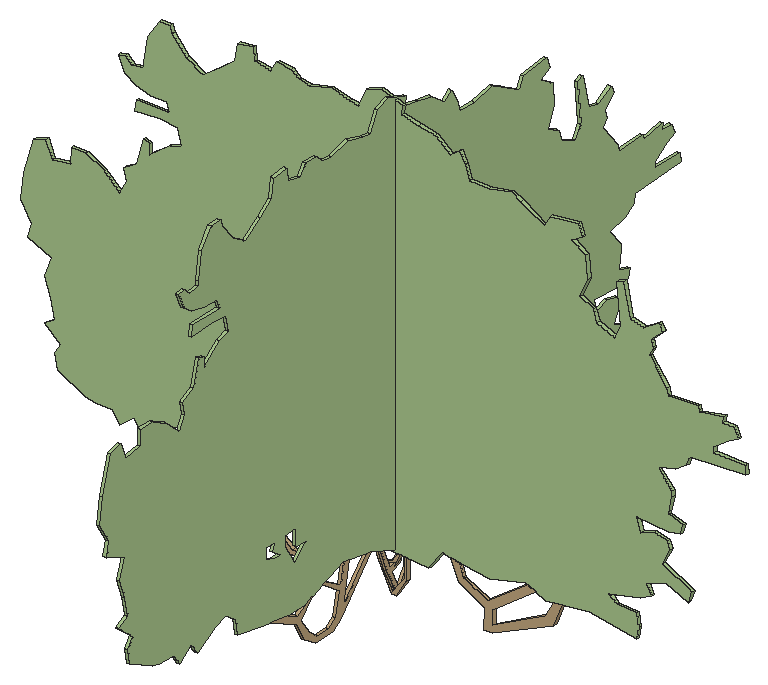
Revit family "L-PL낙엽관목_진달래", category 수목, Revit 2019
Family settings
  OmniClass 번호 = 23.40.05.00
  OmniClass 제목 = Plants and Planting Products
  작업 기준면 기반 = 아니오
  항상 수직 = 예
  로드될 때 보이드를 사용하여 절단 = 아니오
  렌더 모양 소스 = 패밀리 형상
  공유 = 아니오
Parameters (values of type "진달래")
  한국산업규격KS = ""
  조달청표준공사코드-세부공종 = "10161599202809"
  높이 = 1000 mm
  건설정보분류체계-부위분류 = "E985"
  LIM_INFO_주의사항 = "재배포, 재가공, 판매 금지"
  LIM_INFO_제작일 = "20211210"
  LIM_INFO_버전 = "2022_V01"
  LIM_INFO_PL_학명 = "Quercus myrsinaefolia Bl."
  LIM_INFO_PL_품명 = "가시나무"
  LIM_INFO_PL_주당인정수량 = 0
  LIM_INFO_PL_수목단위 = "주"
  LIM_INFO_PL_규격 = "5.0H X 18R"
  LIM_INFO_PL_구분 = "상록교목"
  LIM_INFO_PL_가격 = 0
  LIM_INFO_PL_Qty [instance] = 0
  LIM_INFO_PL_M2당수량 = 0
  KBIMS_식별-버전 = ""
  KBIMS_식별-bSK등록번호 = ""
  KBIMS_보급정보-저작자 = "림인포테크_MMJ"
  KBIMS_보급정보-보급코드 = ""
Reference planes
  plane 1 "중심(앞/뒤)": y = 0
  plane 2: z = 0
  plane 3 "중심(왼쪽/오른쪽)": x = 0
  plane 4: x = 482.5
  plane 5: x = -607.5
  plane 6: z = -545
  plane 7: z = -817.5
  plane 8: z = 5000
  plane 9: x = -100
  plane 10: x = 100
Dimensions and locks
  plane 4 to plane 5 = 1090 mm
  plane 6 to level = 545 mm
  plane 7 to plane 6 = 272.5 mm
  locked: level to plane 8 at 5000
  plane 9 to plane 10 = 200 mm
  aligned and locked: level to plane 2
Nested families
  nested 1: "진달래_base" at (0, 0, 0), type "진달래_base"
Definition of nested family "진달래_base"
  Parameters (values of type "진달래_base")
    Height = 6000 mm
  Reference planes
    plane 1 "중심(앞/뒤)": y = 0
    plane 2: z = 0
    plane 3 "중심(왼쪽/오른쪽)": x = 0
  Forms (mm)
    Revolve 1, solid, detail levels coarse
      sketch origin (0, 0, 0) x (1, 0, 0) y (0, 0, 1)
        loop
          line (0.01, 0) -> (0.01, 604.823) -> (-339.99, 604.823)
          arc (-339.99, 604.823) -> (-453.127, 557.96) -> (-499.99, 444.823) r 160
          line (-499.99, 444.823) -> (-499.99, 140)
          arc (-499.99, 140) -> (-476.558, 83.431) -> (-419.99, 60) r 80
          line (-419.99, 60) -> (-158.625, 60) -> (-158.625, 0) -> (0.01, 0)
        axis (0.01, 604.823) -> (0.01, 0)
      angle from 0 to 360
    Extrusion 2, solid, detail levels fine
      sketch origin (0, 0, 0) x (1, 0, 0) y (0, 0, 1)
        loop
          line (-394.864, 503.282) -> (-394.864, 518.89) -> (-404.927, 522.359) -> (-415.337, 482.471) -> (-436.503, 469.291) -> (-432.686, 450.215) -> (-443.443, 430.444) -> (-469.815, 454.377) -> (-498.268, 468.944) -> (-522.558, 468.944) -> (-523.252, 445.359) -> (-553.441, 440.156) -> (-564.197, 465.476) -> (-583.282, 459.926) -> (-600.376, 404.198) -> (-605.928, 364.658) -> (-587.537, 334.135) -> (-593.089, 312.631) -> (-554.573, 295.982) -> (-565.355, 265.975) -> (-555.333, 237.306) -> (-549.459, 207.255) -> (-566.737, 196.547) -> (-539.783, 173.749) -> (-549.804, 158.206) -> (-544.621, 136.099) -> (-498.315, 112.956) -> (-483.111, 109.157) -> (-455.466, 108.811) -> (-443.716, 91.195) -> (-420.564, 109.157) -> (-406.741, 91.541) -> (-372.185, 112.266) -> (-349.723, 120.21) -> (-329.335, 106.048) -> (-323.806, 80.833) -> (-270.647, 71.328) -> (-223.55, 65.622) -> (-183.589, 65.622) -> (-162.181, 74.182) -> (-151.237, 78.436) -> (-110.802, 94.154) -> (-109.02, 93.806) -> (-52.288, 82.741) -> (0.518, 62.769) -> (61.886, 58.489) -> (84.721, 88.447) -> (97.68, 86.492) -> (160.362, 77.035) -> (218.876, 92.727) -> (222.364, 91.06) -> (251.701, 77.035) -> (324.706, 87.442) -> (400.121, 73.861) -> (403.222, 91.084) -> (400.81, 112.097) -> (367.382, 113.819) -> (355.321, 124.497) -> (406.668, 135.865) -> (424.588, 145.165) -> (417.351, 159.977) -> (447.677, 172.378) -> (484.895, 157.221) -> (491.098, 174.445) -> (443.197, 199.246) -> (455.258, 223.014) -> (450.82, 235.183) -> (429.799, 240.005) -> (407.744, 232.083) -> (401.541, 253.439) -> (452.544, 249.306) -> (472.186, 252.406) -> (475.977, 267.218) -> (452.199, 274.796) -> (458.027, 301.554) -> (458.027, 310.335) -> (434.415, 337.23) -> (464.616, 345.463) -> (482.736, 357.538) -> (486.58, 370.711) -> (578.83, 376.2) -> (578.28, 389.921) -> (527.214, 391.019) -> (527.214, 399.801) -> (551.374, 416.267) -> (566.749, 425.049) -> (560.709, 439.32) -> (541.49, 440.417) -> (543.138, 449.748) -> (503.602, 442.064) -> (501.406, 450.297) -> (452.536, 447.553) -> (450.339, 458.53) -> (421.237, 496.402) -> (428.375, 507.928) -> (425.081, 520.552) -> (443.75, 537.567) -> (437.71, 549.093) -> (413, 533.725) -> (391.036, 539.214) -> (380.054, 589.709) -> (368.523, 585.867) -> (374.563, 521.101) -> (365.228, 502.439) -> (336.126, 513.966) -> (330.276, 531.861) -> (308.068, 543.515) -> (320.838, 571.818) -> (318.062, 606.78) -> (294.744, 621.209) -> (312.51, 631.198) -> (305.292, 648.402) -> (259.767, 642.852) -> (250.329, 625.648) -> (211.465, 647.292) -> (195.92, 655.616) -> (159.277, 647.847) -> (127.631, 648.957) -> (121.524, 668.935) -> (112.086, 686.138) -> (97.096, 676.149) -> (72.112, 695.018) -> (45.463, 700.567) -> (16.593, 706.117) -> (18.814, 719.436) -> (-16.164, 731.09) -> (-39.482, 723.875) -> (-52.806, 695.018) -> (-68.352, 697.238) -> (-97.222, 705.007) -> (-133.309, 696.128) -> (-151.63, 698.902) -> (-162.734, 709.447) -> (-186.607, 711.666) -> (-196.601, 695.573) -> (-223.25, 700.567) -> (-224.916, 719.991) -> (-250.454, 716.661) -> (-256.006, 688.913) -> (-278.214, 671.155) -> (-307.639, 650.066) -> (-334.288, 666.715) -> (-358.162, 693.908) -> (-360.382, 703.897) -> (-378.704, 703.342) -> (-397.58, 675.039) -> (-404.233, 634.39) -> (-404.233, 627.106) -> (-423.318, 623.985) -> (-433.727, 634.39) -> (-445.872, 631.962) -> (-435.809, 608.723) -> (-417.766, 596.931) -> (-392.435, 590.687) -> (-367.104, 590.341) -> (-362.246, 575.426) -> (-416.031, 575.426) -> (-419.154, 558.431) -> (-377.167, 561.552) -> (-348.714, 559.124) -> (-342.815, 533.458) -> (-361.205, 527.215) -> (-394.864, 503.282)
        loop
          line (-228.377, 168.136) -> (-218.334, 151.409) -> (-207.392, 133.187) -> (-186.237, 158.699) -> (-205.933, 158.699) -> (-205.933, 186.397) -> (-228.377, 183.481) -> (-228.377, 168.136)
        loop
          line (-251.841, 160.055) -> (-235.386, 160.055) -> (-252.759, 170.943) -> (-247.388, 183.329) -> (-266.991, 183.329) -> (-266.991, 166.356) -> (-251.841, 160.055)
      from 0 to 5
    Extrusion 3, solid, detail levels fine
      sketch origin (0, 0, 0) x (1, 0, 0) y (0, 0, 1)
        loop
          line (-145.629, 80.616) -> (-151.237, 78.436) -> (-116.605, 55.099) -> (-124.73, 18.374) -> (-138.154, 8.134) -> (-160.41, 8.134) -> (-179.487, 21.552) -> (-196.444, 46.271) -> (-172.885, 69.902) -> (-183.589, 65.622) -> (-201.992, 54.638) -> (-223.55, 65.622) -> (-259.314, 69.955) -> (-203.569, 42.862) -> (-186.951, 13.112) -> (-165.306, 0) -> (-130.133, 0) -> (-114.801, 13.112) -> (-52.288, 82.741) -> (-61.19, 84.477) -> (-111.263, 29.305) -> (-97.656, 91.59) -> (-109.02, 93.806) -> (-115.192, 62.161) -> (-145.629, 80.616)
        loop
          line (25.325, 61.039) -> (21.183, 61.328) -> (21.183, 29.475) -> (3.046, 5.083) -> (-9.903, 36.072) -> (5.227, 42.394) -> (15.782, 61.705) -> (11.147, 62.028) -> (2.984, 49.374) -> (-14.03, 42.669) -> (-25.885, 72.755) -> (-33.047, 75.464) -> (-21.083, 42.143) -> (0, 0) -> (8.803, 0) -> (25.325, 26.726) -> (25.325, 61.039)
        loop
          line (151.065, 0.414) -> (166.071, 0) -> (265.785, 46.683) -> (279.925, 81.058) -> (265.357, 78.981) -> (251.672, 56.361) -> (166.071, 12.12) -> (166.071, 34.238) -> (235.289, 84.881) -> (222.364, 91.06) -> (156.658, 44.246) -> (117.821, 64.181) -> (111.037, 84.477) -> (97.68, 86.492) -> (110.859, 56.469) -> (151.947, 32.362) -> (151.065, 0.414)
      from 0 to 5
    Extrusion 4, solid, detail levels fine
      sketch origin (0, 0, 0) x (0, 1, 0) y (0, 0, 1)
        loop
          line (-394.864, 503.282) -> (-394.864, 518.89) -> (-404.927, 522.359) -> (-415.337, 482.471) -> (-436.503, 469.291) -> (-432.686, 450.215) -> (-443.443, 430.444) -> (-469.815, 454.377) -> (-498.268, 468.944) -> (-522.558, 468.944) -> (-523.252, 445.359) -> (-553.441, 440.156) -> (-564.197, 465.476) -> (-583.282, 459.926) -> (-600.376, 404.198) -> (-605.928, 364.658) -> (-587.537, 334.135) -> (-593.089, 312.631) -> (-554.573, 295.982) -> (-565.355, 265.975) -> (-555.333, 237.306) -> (-549.459, 207.255) -> (-566.737, 196.547) -> (-539.783, 173.749) -> (-549.804, 158.206) -> (-544.621, 136.099) -> (-498.315, 112.956) -> (-483.111, 109.157) -> (-455.466, 108.811) -> (-443.716, 91.195) -> (-420.564, 109.157) -> (-406.741, 91.541) -> (-372.185, 112.266) -> (-349.723, 120.21) -> (-329.335, 106.048) -> (-323.806, 80.833) -> (-270.647, 71.328) -> (-223.55, 65.622) -> (-183.589, 65.622) -> (-162.181, 74.182) -> (-151.237, 78.436) -> (-110.802, 94.154) -> (-109.02, 93.806) -> (-52.288, 82.741) -> (0.518, 62.769) -> (61.886, 58.489) -> (84.721, 88.447) -> (97.68, 86.492) -> (160.362, 77.035) -> (218.876, 92.727) -> (222.364, 91.06) -> (251.701, 77.035) -> (324.706, 87.442) -> (400.121, 73.861) -> (403.222, 91.084) -> (400.81, 112.097) -> (367.382, 113.819) -> (355.321, 124.497) -> (406.668, 135.865) -> (424.588, 145.165) -> (417.351, 159.977) -> (447.677, 172.378) -> (484.895, 157.221) -> (491.098, 174.445) -> (443.197, 199.246) -> (455.258, 223.014) -> (450.82, 235.183) -> (429.799, 240.005) -> (407.744, 232.083) -> (401.541, 253.439) -> (452.544, 249.306) -> (472.186, 252.406) -> (475.977, 267.218) -> (452.199, 274.796) -> (458.027, 301.554) -> (458.027, 310.335) -> (434.415, 337.23) -> (464.616, 345.463) -> (482.736, 357.538) -> (486.58, 370.711) -> (578.83, 376.2) -> (578.28, 389.921) -> (527.214, 391.019) -> (527.214, 399.801) -> (551.374, 416.267) -> (566.749, 425.049) -> (560.709, 439.32) -> (541.49, 440.417) -> (543.138, 449.748) -> (503.602, 442.064) -> (501.406, 450.297) -> (452.536, 447.553) -> (450.339, 458.53) -> (421.237, 496.402) -> (428.375, 507.928) -> (425.081, 520.552) -> (443.75, 537.567) -> (437.71, 549.093) -> (413, 533.725) -> (391.036, 539.214) -> (380.054, 589.709) -> (368.523, 585.867) -> (374.563, 521.101) -> (365.228, 502.439) -> (336.126, 513.966) -> (330.276, 531.861) -> (308.068, 543.515) -> (320.838, 571.818) -> (318.062, 606.78) -> (294.744, 621.209) -> (312.51, 631.198) -> (305.292, 648.402) -> (259.767, 642.852) -> (250.329, 625.648) -> (211.465, 647.292) -> (195.92, 655.616) -> (159.277, 647.847) -> (127.631, 648.957) -> (121.524, 668.935) -> (112.086, 686.138) -> (97.096, 676.149) -> (72.112, 695.018) -> (45.463, 700.567) -> (16.593, 706.117) -> (18.814, 719.436) -> (-16.164, 731.09) -> (-39.482, 723.875) -> (-52.806, 695.018) -> (-68.352, 697.238) -> (-97.222, 705.007) -> (-133.309, 696.128) -> (-151.63, 698.902) -> (-162.734, 709.447) -> (-186.607, 711.666) -> (-196.601, 695.573) -> (-223.25, 700.567) -> (-224.916, 719.991) -> (-250.454, 716.661) -> (-256.006, 688.913) -> (-278.214, 671.155) -> (-307.639, 650.066) -> (-334.288, 666.715) -> (-358.162, 693.908) -> (-360.382, 703.897) -> (-378.704, 703.342) -> (-397.58, 675.039) -> (-404.233, 634.39) -> (-404.233, 627.106) -> (-423.318, 623.985) -> (-433.727, 634.39) -> (-445.872, 631.962) -> (-435.809, 608.723) -> (-417.766, 596.931) -> (-392.435, 590.687) -> (-367.104, 590.341) -> (-362.246, 575.426) -> (-416.031, 575.426) -> (-419.154, 558.431) -> (-377.167, 561.552) -> (-348.714, 559.124) -> (-342.815, 533.458) -> (-361.205, 527.215) -> (-394.864, 503.282)
        loop
          line (-228.377, 168.136) -> (-218.334, 151.409) -> (-207.392, 133.187) -> (-186.237, 158.699) -> (-205.933, 158.699) -> (-205.933, 186.397) -> (-228.377, 183.481) -> (-228.377, 168.136)
        loop
          line (-251.841, 160.055) -> (-235.386, 160.055) -> (-252.759, 170.943) -> (-247.388, 183.329) -> (-266.991, 183.329) -> (-266.991, 166.356) -> (-251.841, 160.055)
      from 0 to 5
    Extrusion 5, solid, detail levels fine
      sketch origin (0, 0, 0) x (0, 1, 0) y (0, 0, 1)
        loop
          line (-145.629, 80.616) -> (-151.237, 78.436) -> (-116.605, 55.099) -> (-124.73, 18.374) -> (-138.154, 8.134) -> (-160.41, 8.134) -> (-179.487, 21.552) -> (-196.444, 46.271) -> (-172.885, 69.902) -> (-183.589, 65.622) -> (-201.992, 54.638) -> (-223.55, 65.622) -> (-259.314, 69.955) -> (-203.569, 42.862) -> (-186.951, 13.112) -> (-165.306, 0) -> (-130.133, 0) -> (-114.801, 13.112) -> (-52.288, 82.741) -> (-61.19, 84.477) -> (-111.263, 29.305) -> (-97.656, 91.59) -> (-109.02, 93.806) -> (-115.192, 62.161) -> (-145.629, 80.616)
        loop
          line (25.325, 61.039) -> (21.183, 61.328) -> (21.183, 29.475) -> (3.046, 5.083) -> (-9.903, 36.072) -> (5.227, 42.394) -> (15.782, 61.705) -> (11.147, 62.028) -> (2.984, 49.374) -> (-14.03, 42.669) -> (-25.885, 72.755) -> (-33.047, 75.464) -> (-21.083, 42.143) -> (0, 0) -> (8.803, 0) -> (25.325, 26.726) -> (25.325, 61.039)
        loop
          line (151.065, 0.414) -> (166.071, 0) -> (265.785, 46.683) -> (279.925, 81.058) -> (265.357, 78.981) -> (251.672, 56.361) -> (166.071, 12.12) -> (166.071, 34.238) -> (235.289, 84.881) -> (222.364, 91.06) -> (156.658, 44.246) -> (117.821, 64.181) -> (111.037, 84.477) -> (97.68, 86.492) -> (110.859, 56.469) -> (151.947, 32.362) -> (151.065, 0.414)
      from 0 to 5
  Lines and regions (mm)
    symbolic lines
      curve 1: arc (478.558, -98.443, 0) -> (351.893, -149.015, 0) -> (399.234, -276.924, 0) r 97.689
      curve 2: arc (446.012, -195.901, 0) -> (311.57, -218.857, 0) -> (331.106, -353.838, 0) r 97.689
      curve 3: arc (331.106, 367.212, 0) -> (311.57, 232.231, 0) -> (446.012, 209.275, 0) r 97.689
      curve 4: arc (399.234, 290.298, 0) -> (351.893, 162.389, 0) -> (478.558, 111.817, 0) r 97.689
      curve 5: arc (-396.108, -276.924, 0) -> (-348.768, -149.015, 0) -> (-475.433, -98.443, 0) r 97.689
      curve 6: arc (-327.981, -353.838, 0) -> (-308.445, -218.857, 0) -> (-442.887, -195.901, 0) r 97.689
      curve 7: arc (48.341, -479.512, 0) -> (-38.76, -374.559, 0) -> (-145.89, -458.969, 0) r 97.689
      curve 8: arc (149.015, -458.969, 0) -> (41.886, -374.559, 0) -> (-45.216, -479.512, 0) r 97.689
      curve 9: arc (-442.887, 209.275, 0) -> (-308.445, 232.231, 0) -> (-327.981, 367.212, 0) r 97.689
      curve 10: arc (-475.433, 111.817, 0) -> (-348.768, 162.389, 0) -> (-396.108, 290.298, 0) r 97.689
      curve 11: arc (-45.216, 492.886, 0) -> (41.886, 387.933, 0) -> (149.015, 472.343, 0) r 97.689
      curve 12: arc (-145.89, 472.343, 0) -> (-38.76, 387.933, 0) -> (48.341, 492.886, 0) r 97.689
      curve 13: arc (394.488, -283.463, 0) -> (123.674, -204.815, 0) -> (56.378, -478.671, 0) r 195.378
      curve 14: arc (-446.178, -188.521, 0) -> (-242.659, 6.687, 0) -> (-446.178, 201.895, 0) r 195.378
      curve 15: arc (-53.252, -478.671, 0) -> (-120.548, -204.815, 0) -> (-391.362, -283.463, 0) r 195.378
      curve 16: arc (449.303, 201.895, 0) -> (245.785, 6.687, 0) -> (449.303, -188.521, 0) r 195.378
      curve 17: arc (56.378, 492.045, 0) -> (123.674, 218.189, 0) -> (394.488, 296.837, 0) r 195.378
      curve 18: arc (-391.362, 296.837, 0) -> (-120.548, 218.189, 0) -> (-53.252, 492.045, 0) r 195.378
      curve 19: circle (3.423, 0, 0) r 14.572 normal (0, 0, 1)
  Dimensions and locks
    aligned and locked: level to plane 2
